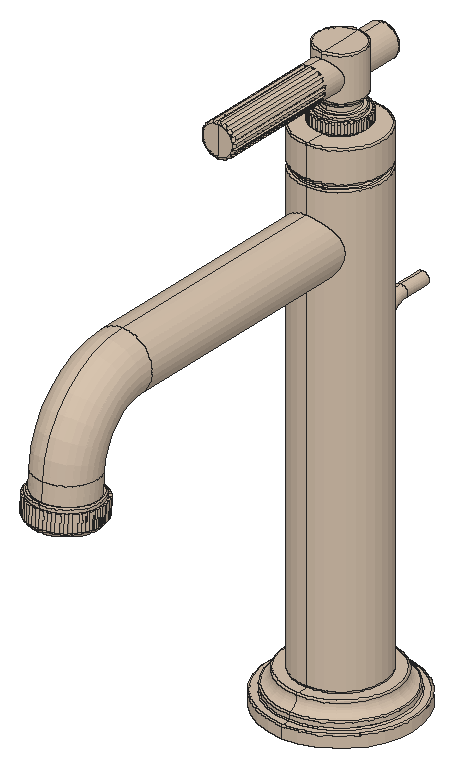
Revit family "Faucet-Lavatory-KALLISTA-CENTRAL_PARK_WEST-P26622_", category Plumbing Fixtures, host Face, Revit 2022
Family settings
  Host = Face
  Round Connector Dimension = Use Diameter
  Part Type = Normal
  OmniClass Number = 23.31.11.00
  OmniClass Title = Faucets
  Cut with Voids When Loaded = No
  Maintain Annotation Orientation = No
  Shared = No
  Room Calculation Point = No
Parameters (values of type "BAF-Brushed French Gold")
  Width = 2 113/256"  # constant formula
  WaterSense Certified = 1 = 0  # no
  Waste Water Outlet = "Waste Water Outlet"  # constant formula
  Waste Connection = 1 = 0  # no
  Vent Connection = 1 = 0  # no
  URL = "https://www.kallista.com/"
  Type = 1
  Spout Reach = 5.77165"  # constant formula
  Product Page URL = ""
  Product Name = "CENTRAL PARK WEST"  # constant formula
  Product Documentation Link = ""
  Pressure = 0.00 psi
  Model = if(Type = 1, "P26622-00-BAF", if(Type = 2, "P26622-00-BN", if(Type = 3, "P26622-00-BV", if(Type = 4, "P26622-00-CP", if(Type = 5, "P26622-00-SN", if(Type = 6, "P26622-00-ULB", "NA"))))))  # "P26622-00-BAF"
  Material = "Premium Metal Construction"  # constant formula
  Master Format 2014 Name = "Residential Faucets, Supplies, and Trim"  # constant formula
  Master Format 2014 = "22 41 39"  # constant formula
  Manufacturer Address = "444 Highland Dr, Kohler, WI 53044"  # constant formula
  Manufacturer = "Kallista Co."  # constant formula
  Length = Spout Reach  # 5.77165"
  Hot Water Inlet = "Hot Water Inlet"  # constant formula
  Height = 9 15/16"  # constant formula
  Handle Clearance = 2 9/16"  # constant formula
  HW Connection = 1 = 1  # yes
  Flow Rate = 1.2 GPM  # constant formula
  Finish = Kallista-Metal-BAF-Brushed_French_Gold
  Environmental Product Declaration = ""
  Drain Included = 1 = 0  # no
  Description = "Single Control Faucet"  # constant formula
  Default Elevation = 36"
  Declare Label = ""
  Date Modified = "11/10/2023"  # constant formula
  Date Created = "04/06/2022"  # constant formula
  Copyright = "Copyright Kallista Co."  # constant formula
  Contact Us = "https://www.kallista.com/corporate/contact-us/"
  Cold Water Inlet = "Cold Water Inlet"  # constant formula
  CW Connection = 1 = 1  # yes
  Assembly Code = "D2010"
  ADA Compliant = 1 = 0  # no
Reference planes (in)
  plane 1 "Center (Front/Back)": y = 0
  plane 2: z = 0
  plane 3 "Center (Left/Right)": x = 0
  plane 4: y = 1.72047
  plane 5: y = -6.37402
  plane 6: y = -5.77165
  plane 7: y = -6.26378
  plane 8: x = 1.22047
  plane 9: y = -1.22047
  plane 10: y = 1.22047
  plane 11: y = -5.27953
  plane 12: x = 0.71457
  plane 13: y = -2.5625
  plane 14: y = 0.1501
  plane 15: z = 0.53937
  plane 16: x = -0.71457
  plane 17: z = 9.9375
  plane 18: z = 9.28346
  plane 19: z = 9.56299
  plane 20: z = 9.84252
  plane 21: z = 7.63386
  plane 22: z = 5.31102
  plane 23: z = 9.65748
  plane 24: z = 5.72835
  plane 25: y = -5.16929
  plane 26: x = -1.22093
  plane 27: z = 7.14173
  plane 28: z = 6.64961
  plane 29: y = 0.71457
  plane 30: y = -0.71457
  plane 31: x = -0.39007
  plane 32: x = 0.39007
Dimensions and locks (in)
  "Length": plane 1 "Center (Front/Back)" to plane 6
  "Handle Clearance": plane 1 "Center (Front/Back)" to plane 13
  level to plane 24 = 5.72835"
  plane 4 to plane 1 "Center (Front/Back)" = 1.72047"  (x2)
  level to plane 22 = 5.31102"
  "Height": plane 17 to level
  plane 15 to level = 0.53937"
  plane 20 to plane 18 = 0.55906"
  plane 16 to plane 12 = 1.42913"  (x2)
  plane 13 to plane 1 "Center (Front/Back)" = 2 9/16"
  plane 14 to plane 13 = 2.7126"
  "Width": plane 26 to plane 8
  plane 31 to plane 32 = 0.78015"
  level to plane 17 = 9 15/16"
  aligned and locked: plane 2 to host face
  aligned and locked: level to host face
  aligned and locked: plane 3 "Center (Left/Right)" to nested 1
  aligned and locked: plane 1 "Center (Front/Back)" to nested 1
Automatic sketch dimensions
  host sketch curve to host sketch curve = 96"  (x2)
Nested families (in)
  nested 1: "P26622" at (0, 0, 0), type "P26622"
Connectors (in)
  piping at (-0.71457, 0, 0), diameter 0.5625, driven by "Flow Rate", driven by "HW Connection", driven by "Hot Water Inlet"
    settings: on nested 1, index 1, connector inside diameter 24", connector length 0", flow factor 0, pipe flow 1.2 GPM, pressure drop 0.00 psi, fitting loss kfactor 0, connector angle 0.00°, fixture units 0, engagement length 0", angle of deflection 0.00°, flow configuration 1, flow direction 1, fitting loss method 0, system type 19, joint type 0, gender type 0, connector reference index -1, connector utility 1, adjustable connector no, is connector primary yes, connector description "Hot Water Inlet"
  piping at (0.71457, 0, 0), diameter 0.5625, driven by "Flow Rate", driven by "CW Connection", driven by "Cold Water Inlet"
    settings: on nested 1, index 2, connector inside diameter 24", connector length 0", flow factor 0, pipe flow 1.2 GPM, pressure drop 0.00 psi, fitting loss kfactor 0, connector angle 0.00°, fixture units 0, engagement length 0", angle of deflection 0.00°, flow configuration 1, flow direction 1, fitting loss method 0, system type 20, joint type 0, gender type 0, connector reference index -1, connector utility 1, adjustable connector no, is connector primary no, connector description "Cold Water Inlet"
Definition of nested family "P26622"
  Parameters
    Material = none
    Default Elevation = 0"
  Reference planes (in)
    plane 1 "Center (Front/Back)": y = 0
    plane 2: z = 0
    plane 3 "Center (Left/Right)": x = 0
    plane 4: y = 1.22047
    plane 5: y = -1.22047
    plane 6: z = 5.31102
    plane 7: z = 7.63386
    plane 8: z = 7.14173
    plane 9: z = 6.64961
    plane 10: y = -5.77165
    plane 11: y = -6.26378
    plane 12: y = -5.27953
    plane 13: z = 9.28346
    plane 14: z = 9.84252
    plane 15: z = 9.56299
    plane 16: y = -2.56299
    plane 17: y = 0.8937
    plane 18: y = -0.71457
    plane 19: y = 0.71457
    plane 20: y = 1.72047
    plane 21: z = 5.72835
    plane 22: z = 9.93701
    plane 23: z = 0.53937
    plane 24: x = 0.71457
    plane 25: x = -0.71457
    plane 26: x = -1.22047
    plane 27: x = 1.22047
    plane 28: z = 9.65748
    plane 29: z = 9.79724
    plane 30: z = 9.84252
    plane 31 "aa": through (0, -5.26304, 5.69797) normal (0, 0.0523, 0.9986)
    plane 32: x = -0.60236
    plane 33: x = 0.60236
    plane 34: y = -6.37402
    plane 35: y = -5.16929
    plane 36: x = -0.10982
    plane 37: x = 0.10982
    plane 38: x = 0.27953
    plane 39: x = -0.27953
    plane 40: x = 0.49213
    plane 41: x = -0.49213
  Forms (in)
    Extrusion 1, void
      sketch origin (1.65381, 0, -0.84266) x (1, 0, 0) y (0, 0, 1)
        loop
          arc (-1.51601, 10.64932) -> (-1.53995, 10.66139) -> (-1.56494, 10.67111) r 0.27994
          arc (-1.56494, 10.67111) -> (-1.59862, 10.65321) -> (-1.62198, 10.68336) r 0.0296
          arc (-1.62198, 10.68336) -> (-1.65381, 10.68518) -> (-1.68564, 10.68336) r 0.27953
          arc (-1.68564, 10.68336) -> (-1.709, 10.65321) -> (-1.74269, 10.67111) r 0.0296
          arc (-1.74269, 10.67111) -> (-1.76767, 10.66139) -> (-1.79161, 10.64932) r 0.27994
          arc (-1.79161, 10.64932) -> (-1.80102, 10.61219) -> (-1.83918, 10.61542) r 0.0296
          arc (-1.83918, 10.61542) -> (-1.85691, 10.5983) -> (-1.87307, 10.5797) r 0.27994
          arc (-1.87307, 10.5797) -> (-1.8699, 10.54371) -> (-1.90389, 10.53146) r 0.0296
          arc (-1.90389, 10.53146) -> (-1.91459, 10.50743) -> (-1.92299, 10.4825) r 0.27994
          arc (-1.92299, 10.4825) -> (-1.90363, 10.44945) -> (-1.93308, 10.42496) r 0.0296
          arc (-1.93308, 10.42496) -> (-1.93375, 10.40565) -> (-1.93308, 10.38634) r 0.27994
          arc (-1.93308, 10.38634) -> (-1.90363, 10.36185) -> (-1.92299, 10.3288) r 0.0296
          arc (-1.92299, 10.3288) -> (-1.91459, 10.30387) -> (-1.90389, 10.27984) r 0.27994
          arc (-1.90389, 10.27984) -> (-1.8699, 10.26759) -> (-1.87307, 10.2316) r 0.0296
          arc (-1.87307, 10.2316) -> (-1.85691, 10.213) -> (-1.83918, 10.19589) r 0.27994
          arc (-1.83918, 10.19589) -> (-1.80102, 10.19911) -> (-1.79161, 10.16198) r 0.0296
          arc (-1.79161, 10.16198) -> (-1.76767, 10.14992) -> (-1.74269, 10.1402) r 0.27994
          arc (-1.74269, 10.1402) -> (-1.709, 10.1581) -> (-1.68564, 10.12794) r 0.0296
          arc (-1.68564, 10.12794) -> (-1.65381, 10.12612) -> (-1.62198, 10.12794) r 0.27953
          arc (-1.62198, 10.12794) -> (-1.59862, 10.1581) -> (-1.56494, 10.1402) r 0.0296
          arc (-1.56494, 10.1402) -> (-1.53995, 10.14992) -> (-1.51601, 10.16198) r 0.27994
          arc (-1.51601, 10.16198) -> (-1.50661, 10.19911) -> (-1.46844, 10.19589) r 0.0296
          arc (-1.46844, 10.19589) -> (-1.45071, 10.213) -> (-1.43456, 10.2316) r 0.27994
          arc (-1.43456, 10.2316) -> (-1.43772, 10.26759) -> (-1.40374, 10.27984) r 0.0296
          arc (-1.40374, 10.27984) -> (-1.39303, 10.30387) -> (-1.38463, 10.3288) r 0.27994
          arc (-1.38463, 10.3288) -> (-1.40399, 10.36185) -> (-1.37454, 10.38634) r 0.0296
          arc (-1.37454, 10.38634) -> (-1.37388, 10.40565) -> (-1.37454, 10.42496) r 0.27994
          arc (-1.37454, 10.42496) -> (-1.40399, 10.44945) -> (-1.38463, 10.4825) r 0.0296
          arc (-1.38463, 10.4825) -> (-1.39303, 10.50743) -> (-1.40374, 10.53146) r 0.27994
          arc (-1.40374, 10.53146) -> (-1.43772, 10.54371) -> (-1.43456, 10.5797) r 0.0296
          arc (-1.43456, 10.5797) -> (-1.45071, 10.5983) -> (-1.46844, 10.61542) r 0.27994
          arc (-1.46844, 10.61542) -> (-1.50661, 10.61219) -> (-1.51601, 10.64932) r 0.0296
        loop
          circle (-1.65381, 10.40565) r 0.32994
      from 0.65283 to 2.68599
    Revolve 2, solid, material <- "Material", detail levels medium+fine
      sketch origin (0, -0.00038, 0) x (0, 1, 0) y (0, 0, 1)
        loop
          arc (0.71457, 8.06176) -> (0.70822, 8.07707) -> (0.69291, 8.08342) r 0.02165
          line (0.69291, 8.08342) -> (0.6457, 8.08342) -> (0.40505, 8.15457) -> (0.69215, 8.15457)
          arc (0.69215, 8.15457) -> (0.708, 8.16114) -> (0.71457, 8.17699) r 0.02241
          line (0.71457, 8.17699) -> (0.71457, 8.68641)
          arc (0.71457, 8.68641) -> (0.7088, 8.70033) -> (0.69488, 8.70609) r 0.01969
          line (0.69488, 8.70609) -> (0.35798, 8.70609)
          arc (0.35798, 8.70609) -> (0.3719, 8.71186) -> (0.37766, 8.72578) r 0.01969
          line (0.37766, 8.72578) -> (0.37766, 8.76617) -> (0.43011, 8.76617)
          arc (0.43011, 8.76617) -> (0.44403, 8.77193) -> (0.44979, 8.78585) r 0.01969
          line (0.44979, 8.78585) -> (0.44979, 8.92691)
          arc (0.44979, 8.92691) -> (0.44403, 8.94083) -> (0.43011, 8.9466) r 0.01969
          line (0.43011, 8.9466) -> (0.37766, 8.9466) -> (0.37766, 8.98506)
          arc (0.37766, 8.98506) -> (0.37144, 9.00009) -> (0.35641, 9.00632) r 0.02126
          line (0.35641, 9.00632) -> (0.29821, 9.00632)
          arc (0.29821, 9.00632) -> (0.28433, 9.01207) -> (0.27858, 9.02594) r 0.01962
          line (0.27858, 9.02594) -> (0.27858, 9.1331) -> (0.31871, 9.1331)
          arc (0.31871, 9.1331) -> (0.33263, 9.13887) -> (0.3384, 9.15279) r 0.01969
          line (0.3384, 9.15279) -> (0.3384, 9.19223) -> (0.36981, 9.19223)
          arc (0.36981, 9.19223) -> (0.38371, 9.19798) -> (0.38947, 9.21188) r 0.01966
          line (0.38947, 9.21188) -> (0.38947, 9.91732)
          arc (0.38947, 9.91732) -> (0.38371, 9.93124) -> (0.36979, 9.93701) r 0.01969
          line (0.36979, 9.93701) -> (0, 9.93701) -> (0, 0) -> (1.22047, 0) -> (1.22047, 0.18199)
          arc (1.22047, 0.18199) -> (1.21471, 0.19591) -> (1.20079, 0.20167) r 0.01969
          line (1.20079, 0.20167) -> (1.08948, 0.20167)
          arc (1.08948, 0.20167) -> (1.07557, 0.20744) -> (1.0698, 0.22136) r 0.01969
          line (1.0698, 0.22136) -> (1.0698, 0.29623)
          arc (1.0698, 0.29623) -> (1.06484, 0.31072) -> (1.05205, 0.31914) r 0.02366
          arc (1.05205, 0.31914) -> (0.94765, 0.39205) -> (0.91657, 0.51554) r 0.18205
          arc (0.91657, 0.51554) -> (0.91124, 0.53222) -> (0.89525, 0.53937) r 0.02146
          line (0.89525, 0.53937) -> (0.69291, 0.53937)
          arc (0.69291, 0.53937) -> (0.70822, 0.54571) -> (0.71457, 0.56102) r 0.02165
          line (0.71457, 0.56102) -> (0.71457, 8.06176)
        axis (0, 9.93701) -> (0, 0)
      angle from 0 to 360
    Revolve 3, solid, material <- "Material", detail levels medium+fine
      sketch origin (0, 0, 0) x (0, 1, 0) y (0, 0, 1)
        loop
          line (0.87227, 9.84252) -> (-2.53202, 9.84252)
          arc (-2.53202, 9.84252) -> (-2.55392, 9.83345) -> (-2.56299, 9.81155) r 0.03097
          line (-2.56299, 9.81155) -> (-2.56299, 9.56299) -> (0.8937, 9.56299) -> (0.8937, 9.82109)
          arc (0.8937, 9.82109) -> (0.88742, 9.83624) -> (0.87227, 9.84252) r 0.02143
        axis (-2.56299, 9.56299) -> (0.8937, 9.56299)
      angle from 0 to 360
    Sweep 4, solid, material <- "Material", detail levels medium+fine
      path origin (0, 0, 0) x (0, 1, 0) y (0, 0, 1)
        loop
          line (0, 7.14173) -> (-4.55935, 7.14173)
          arc (-4.55935, 7.14173) -> (-5.37237, 6.81737) -> (-5.73883, 6.02244) r 1.1811
          line (-5.73883, 6.02244) -> (-5.75813, 5.65422)
      profile origin (0, -2.27967, 7.14173) x (0, 0, -1) y (1, 0, 0)
        loop
          circle (0, 0) r 0.49213
    Extrusion 5, void
      sketch origin (0, 0, 2.16535) x (1, 0, 0) y (0, 1, 0)
        loop
          arc (0.29276, 0.36044) -> (0.2803, 0.37021) -> (0.26751, 0.37955) r 0.46435
          arc (0.26751, 0.37955) -> (0.23067, 0.3715) -> (0.22155, 0.40809) r 0.02706
          arc (0.22155, 0.40809) -> (0.20743, 0.41545) -> (0.19306, 0.42232) r 0.46435
          arc (0.19306, 0.42232) -> (0.15833, 0.40762) -> (0.14263, 0.44191) r 0.02706
          arc (0.14263, 0.44191) -> (0.12744, 0.44652) -> (0.11211, 0.45062) r 0.46435
          arc (0.11211, 0.45062) -> (0.08068, 0.42979) -> (0.05894, 0.4606) r 0.02706
          arc (0.05894, 0.4606) -> (0.04302, 0.46236) -> (0.02705, 0.46356) r 0.46435
          arc (0.02705, 0.46356) -> (0, 0.43729) -> (-0.02705, 0.46356) r 0.02706
          arc (-0.02705, 0.46356) -> (-0.04302, 0.46236) -> (-0.05894, 0.4606) r 0.46435
          arc (-0.05894, 0.4606) -> (-0.08068, 0.42979) -> (-0.11211, 0.45062) r 0.02706
          arc (-0.11211, 0.45062) -> (-0.12744, 0.44652) -> (-0.14263, 0.44191) r 0.46435
          arc (-0.14263, 0.44191) -> (-0.15833, 0.40762) -> (-0.19306, 0.42232) r 0.02706
          arc (-0.19306, 0.42232) -> (-0.20743, 0.41545) -> (-0.22155, 0.40809) r 0.46435
          arc (-0.22155, 0.40809) -> (-0.23067, 0.3715) -> (-0.26751, 0.37955) r 0.02706
          arc (-0.26751, 0.37955) -> (-0.2803, 0.37021) -> (-0.29276, 0.36044) r 0.46435
          arc (-0.29276, 0.36044) -> (-0.295, 0.3228) -> (-0.33269, 0.32394) r 0.02706
          arc (-0.33269, 0.32394) -> (-0.34374, 0.31219) -> (-0.35438, 0.30006) r 0.46435
          arc (-0.35438, 0.30006) -> (-0.34962, 0.26266) -> (-0.38687, 0.25681) r 0.02706
          arc (-0.38687, 0.25681) -> (-0.39523, 0.24375) -> (-0.40315, 0.23042) r 0.46435
          arc (-0.40315, 0.23042) -> (-0.39211, 0.19363) -> (-0.42898, 0.18286) r 0.02706
          arc (-0.42898, 0.18286) -> (-0.43461, 0.1682) -> (-0.43975, 0.15336) r 0.46435
          arc (-0.43975, 0.15336) -> (-0.42124, 0.1205) -> (-0.45355, 0.10105) r 0.02706
          arc (-0.45355, 0.10105) -> (-0.45637, 0.08581) -> (-0.45868, 0.07047) r 0.46435
          arc (-0.45868, 0.07047) -> (-0.43455, 0.04087) -> (-0.46405, 0.01662) r 0.02706
          arc (-0.46405, 0.01662) -> (-0.46435, 0.00053) -> (-0.46409, -0.01557) r 0.46435
          arc (-0.46409, -0.01557) -> (-0.43545, -0.04009) -> (-0.45913, -0.06944) r 0.02706
          arc (-0.45913, -0.06944) -> (-0.45656, -0.08473) -> (-0.45347, -0.09992) r 0.46435
          arc (-0.45347, -0.09992) -> (-0.42084, -0.11881) -> (-0.43878, -0.15198) r 0.02706
          arc (-0.43878, -0.15198) -> (-0.43325, -0.16708) -> (-0.42721, -0.18197) r 0.46435
          arc (-0.42721, -0.18197) -> (-0.39165, -0.19451) -> (-0.40315, -0.23042) r 0.02706
          arc (-0.40315, -0.23042) -> (-0.39523, -0.24375) -> (-0.38687, -0.25681) r 0.46435
          arc (-0.38687, -0.25681) -> (-0.34962, -0.26266) -> (-0.35438, -0.30006) r 0.02706
          arc (-0.35438, -0.30006) -> (-0.34374, -0.31219) -> (-0.33269, -0.32394) r 0.46435
          arc (-0.33269, -0.32394) -> (-0.295, -0.3228) -> (-0.29276, -0.36044) r 0.02706
          arc (-0.29276, -0.36044) -> (-0.2803, -0.37021) -> (-0.26751, -0.37955) r 0.46435
          arc (-0.26751, -0.37955) -> (-0.23067, -0.3715) -> (-0.22155, -0.40809) r 0.02706
          arc (-0.22155, -0.40809) -> (-0.20743, -0.41545) -> (-0.19306, -0.42232) r 0.46435
          arc (-0.19306, -0.42232) -> (-0.15833, -0.40762) -> (-0.14263, -0.44191) r 0.02706
          arc (-0.14263, -0.44191) -> (-0.12744, -0.44652) -> (-0.11211, -0.45062) r 0.46435
          arc (-0.11211, -0.45062) -> (-0.08068, -0.42979) -> (-0.05894, -0.4606) r 0.02706
          arc (-0.05894, -0.4606) -> (-0.04302, -0.46236) -> (-0.02705, -0.46356) r 0.46435
          arc (-0.02705, -0.46356) -> (0, -0.43651) -> (0.02705, -0.46356) r 0.02705
          arc (0.02705, -0.46356) -> (0.04302, -0.46236) -> (0.05894, -0.4606) r 0.46435
          arc (0.05894, -0.4606) -> (0.08068, -0.42979) -> (0.11211, -0.45062) r 0.02706
          arc (0.11211, -0.45062) -> (0.12744, -0.44652) -> (0.14263, -0.44191) r 0.46435
          arc (0.14263, -0.44191) -> (0.15833, -0.40762) -> (0.19306, -0.42232) r 0.02706
          arc (0.19306, -0.42232) -> (0.20743, -0.41545) -> (0.22155, -0.40809) r 0.46435
          arc (0.22155, -0.40809) -> (0.23067, -0.3715) -> (0.26751, -0.37955) r 0.02706
          arc (0.26751, -0.37955) -> (0.2803, -0.37021) -> (0.29276, -0.36044) r 0.46435
          arc (0.29276, -0.36044) -> (0.295, -0.3228) -> (0.33269, -0.32394) r 0.02706
          arc (0.33269, -0.32394) -> (0.34374, -0.31219) -> (0.35438, -0.30006) r 0.46435
          arc (0.35438, -0.30006) -> (0.34962, -0.26266) -> (0.38687, -0.25681) r 0.02706
          arc (0.38687, -0.25681) -> (0.39516, -0.24386) -> (0.40302, -0.23065) r 0.46435
          arc (0.40302, -0.23065) -> (0.39214, -0.19461) -> (0.42781, -0.18257) r 0.02706
          arc (0.42781, -0.18257) -> (0.43403, -0.16775) -> (0.43974, -0.15273) r 0.46435
          arc (0.43974, -0.15273) -> (0.4222, -0.11935) -> (0.45506, -0.10085) r 0.02706
          arc (0.45506, -0.10085) -> (0.45835, -0.08558) -> (0.46112, -0.07021) r 0.46435
          arc (0.46112, -0.07021) -> (0.43583, -0.04133) -> (0.46486, -0.01622) r 0.02706
          arc (0.46486, -0.01622) -> (0.46532, -0.00015) -> (0.46523, 0.01592) r 0.46435
          arc (0.46523, 0.01592) -> (0.43685, 0.04075) -> (0.46084, 0.06984) r 0.02706
          arc (0.46084, 0.06984) -> (0.45841, 0.08522) -> (0.45547, 0.10051) r 0.46435
          arc (0.45547, 0.10051) -> (0.42114, 0.11782) -> (0.43878, 0.15198) r 0.02706
          arc (0.43878, 0.15198) -> (0.43325, 0.16708) -> (0.42721, 0.18197) r 0.46435
          arc (0.42721, 0.18197) -> (0.39165, 0.19451) -> (0.40315, 0.23042) r 0.02706
          arc (0.40315, 0.23042) -> (0.39523, 0.24375) -> (0.38687, 0.25681) r 0.46435
          arc (0.38687, 0.25681) -> (0.34962, 0.26266) -> (0.35438, 0.30006) r 0.02706
          arc (0.35438, 0.30006) -> (0.34374, 0.31219) -> (0.33269, 0.32394) r 0.46435
          arc (0.33269, 0.32394) -> (0.295, 0.3228) -> (0.29276, 0.36044) r 0.02706
        loop
          circle (0, 0) r 0.53932
      from 6.60081 to 6.78124
    Revolve 6, solid, material <- "Material", detail levels medium+fine
      sketch origin (0, 0, 0) x (0, 1, 0) y (0, 0, 1)
        loop
          line (-5.28465, 5.28553) -> (-5.24471, 5.28343)
          arc (-5.24471, 5.28343) -> (-5.22847, 5.28925) -> (-5.2212, 5.30489) r 0.02235
          line (-5.2212, 5.30489) -> (-5.21947, 5.34936) -> (-5.14869, 5.34565) -> (-5.13423, 5.62152) -> (-5.20539, 5.62525) -> (-5.20279, 5.67473)
          arc (-5.20279, 5.67473) -> (-5.20792, 5.6892) -> (-5.22177, 5.69581) r 0.02005
          line (-5.22177, 5.69581) -> (-5.26304, 5.69797) -> (-5.28465, 5.28553)
        axis (-5.75144, 5.72357) -> (-5.77306, 5.31112)
      angle from 0 to 360
    Extrusion 7, void
      sketch origin (0, 0.28953, 5.40697) x (0, 0.99863, -0.052336) y (-1, 0, 0)
        loop
          arc (-6.63514, -0.02836) -> (-6.63281, -0.05971) -> (-6.62883, -0.09091) r 0.59415
          arc (-6.62883, -0.09091) -> (-6.59603, -0.11315) -> (-6.61748, -0.14647) r 0.02836
          arc (-6.61748, -0.14647) -> (-6.60905, -0.17633) -> (-6.59907, -0.20571) r 0.59415
          arc (-6.59907, -0.20571) -> (-6.56251, -0.221) -> (-6.57692, -0.25792) r 0.02836
          arc (-6.57692, -0.25792) -> (-6.56351, -0.28407) -> (-6.54883, -0.30953) r 0.59415
          arc (-6.54883, -0.30953) -> (-6.51, -0.31746) -> (-6.51701, -0.35647) r 0.02836
          arc (-6.51701, -0.35647) -> (-6.50026, -0.37777) -> (-6.48257, -0.39828) r 0.59415
          arc (-6.48257, -0.39828) -> (-6.44294, -0.39887) -> (-6.44258, -0.4385) r 0.02836
          arc (-6.44258, -0.4385) -> (-6.41558, -0.46174) -> (-6.38723, -0.48332) r 0.59415
          arc (-6.38723, -0.48332) -> (-6.3484, -0.47543) -> (-6.33958, -0.51407) r 0.02836
          arc (-6.33958, -0.51407) -> (-6.31505, -0.52752) -> (-6.28992, -0.53981) r 0.59415
          arc (-6.28992, -0.53981) -> (-6.25326, -0.52473) -> (-6.23732, -0.56101) r 0.02836
          arc (-6.23732, -0.56101) -> (-6.20544, -0.57114) -> (-6.17304, -0.57945) r 0.59415
          arc (-6.17304, -0.57945) -> (-6.14029, -0.55713) -> (-6.1172, -0.58933) r 0.02836
          arc (-6.1172, -0.58933) -> (-6.09365, -0.59187) -> (-6.07002, -0.59348) r 0.59415
          arc (-6.07002, -0.59348) -> (-6.04167, -0.56579) -> (-6.01331, -0.59348) r 0.02836
          arc (-6.01331, -0.59348) -> (-5.98969, -0.59187) -> (-5.96614, -0.58933) r 0.59415
          arc (-5.96614, -0.58933) -> (-5.94305, -0.55713) -> (-5.9103, -0.57945) r 0.02836
          arc (-5.9103, -0.57945) -> (-5.8779, -0.57114) -> (-5.84602, -0.56101) r 0.59415
          arc (-5.84602, -0.56101) -> (-5.83007, -0.52473) -> (-5.79342, -0.53981) r 0.02836
          arc (-5.79342, -0.53981) -> (-5.76829, -0.52752) -> (-5.74376, -0.51407) r 0.59415
          arc (-5.74376, -0.51407) -> (-5.73494, -0.47543) -> (-5.69611, -0.48332) r 0.02836
          arc (-5.69611, -0.48332) -> (-5.66776, -0.46174) -> (-5.64075, -0.4385) r 0.59415
          arc (-5.64075, -0.4385) -> (-5.6404, -0.39887) -> (-5.60077, -0.39828) r 0.02836
          arc (-5.60077, -0.39828) -> (-5.58307, -0.37777) -> (-5.56633, -0.35647) r 0.59415
          arc (-5.56633, -0.35647) -> (-5.57334, -0.31746) -> (-5.53451, -0.30953) r 0.02836
          arc (-5.53451, -0.30953) -> (-5.51983, -0.28407) -> (-5.50642, -0.25792) r 0.59415
          arc (-5.50642, -0.25792) -> (-5.52083, -0.221) -> (-5.48427, -0.20571) r 0.02836
          arc (-5.48427, -0.20571) -> (-5.47429, -0.17633) -> (-5.46585, -0.14647) r 0.59415
          arc (-5.46585, -0.14647) -> (-5.48731, -0.11315) -> (-5.45451, -0.09091) r 0.02836
          arc (-5.45451, -0.09091) -> (-5.45053, -0.05971) -> (-5.44819, -0.02836) r 0.59415
          arc (-5.44819, -0.02836) -> (-5.47655, 0) -> (-5.44819, 0.02836) r 0.02836
          arc (-5.44819, 0.02836) -> (-5.45053, 0.05971) -> (-5.45451, 0.09091) r 0.59415
          arc (-5.45451, 0.09091) -> (-5.48731, 0.11315) -> (-5.46585, 0.14647) r 0.02836
          arc (-5.46585, 0.14647) -> (-5.47429, 0.17633) -> (-5.48427, 0.20571) r 0.59415
          arc (-5.48427, 0.20571) -> (-5.52083, 0.221) -> (-5.50642, 0.25792) r 0.02836
          arc (-5.50642, 0.25792) -> (-5.51983, 0.28407) -> (-5.53451, 0.30953) r 0.59415
          arc (-5.53451, 0.30953) -> (-5.57334, 0.31746) -> (-5.56633, 0.35647) r 0.02836
          arc (-5.56633, 0.35647) -> (-5.58307, 0.37777) -> (-5.60077, 0.39828) r 0.59415
          arc (-5.60077, 0.39828) -> (-5.6404, 0.39887) -> (-5.64075, 0.4385) r 0.02836
          arc (-5.64075, 0.4385) -> (-5.66776, 0.46174) -> (-5.69611, 0.48332) r 0.59415
          arc (-5.69611, 0.48332) -> (-5.73494, 0.47543) -> (-5.74376, 0.51407) r 0.02836
          arc (-5.74376, 0.51407) -> (-5.76829, 0.52752) -> (-5.79342, 0.53981) r 0.59415
          arc (-5.79342, 0.53981) -> (-5.83007, 0.52473) -> (-5.84602, 0.56101) r 0.02836
          arc (-5.84602, 0.56101) -> (-5.8779, 0.57114) -> (-5.9103, 0.57945) r 0.59415
          arc (-5.9103, 0.57945) -> (-5.94305, 0.55713) -> (-5.96614, 0.58933) r 0.02836
          arc (-5.96614, 0.58933) -> (-5.98969, 0.59187) -> (-6.01331, 0.59348) r 0.59415
          arc (-6.01331, 0.59348) -> (-6.04167, 0.56512) -> (-6.07002, 0.59348) r 0.02836
          arc (-6.07002, 0.59348) -> (-6.09365, 0.59187) -> (-6.1172, 0.58933) r 0.59415
          arc (-6.1172, 0.58933) -> (-6.14029, 0.55713) -> (-6.17304, 0.57945) r 0.02836
          arc (-6.17304, 0.57945) -> (-6.20544, 0.57114) -> (-6.23732, 0.56101) r 0.59415
          arc (-6.23732, 0.56101) -> (-6.25326, 0.52473) -> (-6.28992, 0.53981) r 0.02836
          arc (-6.28992, 0.53981) -> (-6.31505, 0.52752) -> (-6.33958, 0.51407) r 0.59415
          arc (-6.33958, 0.51407) -> (-6.3484, 0.47543) -> (-6.38723, 0.48332) r 0.02836
          arc (-6.38723, 0.48332) -> (-6.41558, 0.46174) -> (-6.44258, 0.4385) r 0.59415
          arc (-6.44258, 0.4385) -> (-6.44294, 0.39887) -> (-6.48257, 0.39828) r 0.02836
          arc (-6.48257, 0.39828) -> (-6.50026, 0.37777) -> (-6.51701, 0.35647) r 0.59415
          arc (-6.51701, 0.35647) -> (-6.51, 0.31746) -> (-6.54883, 0.30953) r 0.02836
          arc (-6.54883, 0.30953) -> (-6.56351, 0.28407) -> (-6.57692, 0.25792) r 0.59415
          arc (-6.57692, 0.25792) -> (-6.56251, 0.221) -> (-6.59907, 0.20571) r 0.02836
          arc (-6.59907, 0.20571) -> (-6.60905, 0.17633) -> (-6.61748, 0.14647) r 0.59415
          arc (-6.61748, 0.14647) -> (-6.59603, 0.11315) -> (-6.62883, 0.09091) r 0.02836
          arc (-6.62883, 0.09091) -> (-6.63281, 0.05971) -> (-6.63514, 0.02836) r 0.59415
          arc (-6.63514, 0.02836) -> (-6.60746, 0) -> (-6.63514, -0.02836) r 0.02836
        loop
          circle (-6.04167, 0) r 0.65896
      from -0.04058 to -0.38223
    Revolve 8, solid, detail levels medium+fine
      sketch origin (3.3626, -6.42611, -7.50632) x (1, 0, 0) y (0, 0.050767, 0.998711)
        loop
          line (-3.3626, 12.95776) -> (-3.8393, 12.95776) -> (-3.8393, 12.84833) -> (-3.80578, 12.84833) -> (-3.80578, 12.92493) -> (-3.7744, 12.92493) -> (-3.7744, 12.88934)
          arc (-3.7744, 12.88934) -> (-3.76861, 12.87534) -> (-3.75461, 12.86954) r 0.0198
          line (-3.75461, 12.86954) -> (-3.3626, 12.86954) -> (-3.3626, 12.95776)
        axis (-3.3626, 12.95776) -> (-3.3626, 12.84833)
      angle from 0 to 360
    Extrusion 9, solid, detail levels medium+fine
      sketch origin (0, 0.28338, 5.40729) x (0, 0.99863, -0.052336) y (-1, 0, 0)
        loop
          arc (-6.03208, 0.44299) -> (-5.95287, 0.43353) -> (-5.87663, 0.41003) r 0.44318
          line (-5.87663, 0.41003) -> (-5.87663, 0.44604)
          arc (-5.87663, 0.44604) -> (-5.95308, 0.46778) -> (-6.03208, 0.47652) r 0.47669
          line (-6.03208, 0.47652) -> (-6.03208, 0.44299)
        loop
          line (-6.36748, 0.35088) -> (-6.34376, 0.32716)
          arc (-6.34376, 0.32716) -> (-6.28693, 0.37119) -> (-6.22373, 0.40545) r 0.44318
          line (-6.22373, 0.40545) -> (-6.24901, 0.43074)
          arc (-6.24901, 0.43074) -> (-6.31126, 0.39527) -> (-6.36748, 0.35088) r 0.47669
        loop
          line (-6.5211, 0.01964) -> (-6.48755, 0.01964)
          arc (-6.48755, 0.01964) -> (-6.47861, 0.09067) -> (-6.45835, 0.15934) r 0.44318
          line (-6.45835, 0.15934) -> (-6.49059, 0.16887)
          arc (-6.49059, 0.16887) -> (-6.51184, 0.09548) -> (-6.5211, 0.01964) r 0.47669
        loop
          arc (-6.37759, -0.29268) -> (-6.41661, -0.24117) -> (-6.44773, -0.18454) r 0.44318
          line (-6.44773, -0.18454) -> (-6.48433, -0.18454)
          arc (-6.48433, -0.18454) -> (-6.44826, -0.2539) -> (-6.40134, -0.31642) r 0.47669
          line (-6.40134, -0.31642) -> (-6.37759, -0.29268)
        loop
          line (-6.23468, -0.40044) -> (-6.23468, -0.43725)
          arc (-6.23468, -0.43725) -> (-6.17671, -0.45808) -> (-6.11654, -0.47127) r 0.47669
          line (-6.11654, -0.47127) -> (-6.11654, -0.43733)
          arc (-6.11654, -0.43733) -> (-6.1769, -0.42303) -> (-6.23468, -0.40044) r 0.44318
        loop
          arc (-5.60186, 0.17617) -> (-5.63823, 0.24887) -> (-5.68643, 0.31433) r 0.47669
          line (-5.68643, 0.31433) -> (-5.71019, 0.29057)
          arc (-5.71019, 0.29057) -> (-5.66252, 0.22419) -> (-5.62785, 0.15018) r 0.44318
          line (-5.62785, 0.15018) -> (-5.60186, 0.17617)
        loop
          arc (-5.62376, -0.2235) -> (-5.59015, -0.14325) -> (-5.57168, -0.05823) r 0.47669
          line (-5.57168, -0.05823) -> (-5.60698, -0.06866)
          arc (-5.60698, -0.06866) -> (-5.62731, -0.14866) -> (-5.66212, -0.2235) r 0.44318
          line (-5.66212, -0.2235) -> (-5.62376, -0.2235)
        loop
          line (-5.93901, -0.43036) -> (-5.91166, -0.45772)
          arc (-5.91166, -0.45772) -> (-5.82053, -0.42064) -> (-5.73896, -0.36564) r 0.47669
          line (-5.73896, -0.36564) -> (-5.79439, -0.36564)
          arc (-5.79439, -0.36564) -> (-5.86378, -0.40452) -> (-5.93901, -0.43036) r 0.44318
      from -0.37491 to -0.41742
    Revolve 10, solid, material <- "Material", detail levels coarse
      sketch origin (0, 0, 0) x (0, 1, 0) y (0, 0, 1)
        loop
          line (0, 0) -> (1.22047, 0) -> (1.22047, 0.53937) -> (0.71457, 0.53937) -> (0.71457, 8.08342) -> (0.38909, 8.08342) -> (0.38909, 8.15141) -> (0.71824, 8.15141) -> (0.71824, 8.70267) -> (0.37639, 8.70267) -> (0.37639, 8.76339) -> (0.45201, 8.76339) -> (0.45201, 8.9466) -> (0.37728, 8.9466) -> (0.37728, 9.00653) -> (0.2782, 9.00653) -> (0.2782, 9.19223) -> (0.38909, 9.19223) -> (0.38909, 9.93701) -> (0, 9.93701) -> (0, 0)
        axis (0, 9.93701) -> (0, 0)
      angle from 0 to 360
    Revolve 11, solid, material <- "Material", detail levels coarse
      sketch origin (0, 0, 0) x (0, 1, 0) y (0, 0, 1)
        loop
          line (0.87227, 9.84252) -> (-2.53202, 9.84252)
          arc (-2.53202, 9.84252) -> (-2.55392, 9.83345) -> (-2.56299, 9.81155) r 0.03097
          line (-2.56299, 9.81155) -> (-2.56299, 9.56299) -> (0.8937, 9.56299) -> (0.8937, 9.82109)
          arc (0.8937, 9.82109) -> (0.88742, 9.83624) -> (0.87227, 9.84252) r 0.02143
        axis (-2.56299, 9.56299) -> (0.8937, 9.56299)
      angle from 0 to 360
    Sweep 12, solid, material <- "Material", detail levels coarse
      path origin (0, 0, 0) x (0, 1, 0) y (0, 0, 1)
        loop
          line (0, 7.14173) -> (-4.55935, 7.14173)
          arc (-4.55935, 7.14173) -> (-5.37237, 6.81737) -> (-5.73883, 6.02244) r 1.1811
          line (-5.73883, 6.02244) -> (-5.75813, 5.65422)
      profile origin (0, -2.27967, 7.14173) x (0, 0, -1) y (1, 0, 0)
        loop
          circle (0, 0) r 0.49213
    Revolve 13, solid, material <- "Material", detail levels coarse
      sketch origin (0, 0, 0) x (0, 1, 0) y (0, 0, 1)
        loop
          line (-5.28465, 5.28553) -> (-5.24471, 5.28343)
          arc (-5.24471, 5.28343) -> (-5.22847, 5.28925) -> (-5.2212, 5.30489) r 0.02235
          line (-5.2212, 5.30489) -> (-5.21947, 5.34936) -> (-5.14869, 5.34565) -> (-5.13423, 5.62152) -> (-5.20539, 5.62525) -> (-5.20279, 5.67473)
          arc (-5.20279, 5.67473) -> (-5.20792, 5.6892) -> (-5.22177, 5.69581) r 0.02005
          line (-5.22177, 5.69581) -> (-5.26304, 5.69797) -> (-5.28465, 5.28553)
        axis (-5.75144, 5.72357) -> (-5.77306, 5.31112)
      angle from 0 to 360
    Revolve 14, solid
      sketch origin (3.3626, -6.42611, -7.50632) x (1, 0, 0) y (0, 0.050767, 0.998711)
        loop
          line (-3.3626, 12.95776) -> (-3.8393, 12.95776) -> (-3.8393, 12.84833) -> (-3.80578, 12.84833) -> (-3.80578, 12.92493) -> (-3.7744, 12.92493) -> (-3.7744, 12.88934)
          arc (-3.7744, 12.88934) -> (-3.76861, 12.87534) -> (-3.75461, 12.86954) r 0.0198
          line (-3.75461, 12.86954) -> (-3.3626, 12.86954) -> (-3.3626, 12.95776)
        axis (-3.3626, 12.95776) -> (-3.3626, 12.84833)
      angle from 0 to 360
    Extrusion 15, solid, material <- "Material", detail levels medium+fine
      sketch origin (0, 0, 0) x (1, 0, 0) y (0, 1, 0)
        loop
          circle (0.71457, 0) r 0.04588
        loop
          circle (-0.71457, 0) r 0.04588
      from 0 to 0.13327
    Sweep 16, solid, material <- "Material"
      path origin (0, 0, 0) x (0, 1, 0) y (0, 0, 1)
        loop
          line (1.72204, 5.62191) -> (1.26436, 5.62191)
          arc (1.26436, 5.62191) -> (1.03854, 5.55071) -> (0.8944, 5.36286) r 0.3937
          line (0.8944, 5.36286) -> (0.54134, 4.39284)
      profile origin (0, 1.4932, 5.62191) x (0, 0, 1) y (1, 0, 0)
        loop
          circle (-0.00039, 0) r 0.10724
    Sweep 17, void
      path origin (0, 0, 0) x (0, 1, 0) y (0, 0, 1)
        loop
          line (0.8944, 5.36286) -> (0.54134, 4.39284)
      profile origin (0, 0.71787, 4.87785) x (0, 0.939693, -0.34202) y (1, 0, 0)
        loop
          circle (-0.00039, 0) r 0.11811
  Cuts and joins
    Extrusion 5, Sweep 17 cuts Revolve 2
    Extrusion 1 cuts Revolve 3
    joined: Revolve 2, Revolve 3, Sweep 4
    Extrusion 7 cuts Revolve 6
    joined: Revolve 8, Extrusion 9
    Sweep 17 cuts Revolve 10
  Lines and regions (in)
    Masking region 1
      outline origin (0, 0, 0) x (1, 0, 0) y (0, 1, 0)
        loop
          arc (-0.10982, 1.22008) -> (-0.90042, 0.83489) -> (-1.22047, 0.01575) r 1.20828
          line (-1.22047, 0.01575) -> (-1.22047, -0.01575)
          arc (-1.22047, -0.01575) -> (-1.02195, -0.67655) -> (-0.49213, -1.11853) r 1.19903
          line (-0.49213, -1.11853) -> (-0.49213, -5.4243)
          arc (-0.49213, -5.4243) -> (-0.52161, -5.47038) -> (-0.54679, -5.51895) r 0.60236
          arc (-0.54679, -5.51895) -> (-0.53272, -5.5492) -> (-0.56412, -5.56046) r 0.02258
          arc (-0.56412, -5.56046) -> (-0.57616, -5.59594) -> (-0.58598, -5.63211) r 0.60236
          arc (-0.58598, -5.63211) -> (-0.56915, -5.65677) -> (-0.59423, -5.67298) r 0.02086
          arc (-0.59423, -5.67298) -> (-0.59917, -5.70973) -> (-0.60185, -5.74672) r 0.60236
          arc (-0.60185, -5.74672) -> (-0.57804, -5.76904) -> (-0.60205, -5.79114) r 0.02227
          arc (-0.60205, -5.79114) -> (-0.59966, -5.82862) -> (-0.59495, -5.86588) r 0.60236
          arc (-0.59495, -5.86588) -> (-0.56643, -5.88318) -> (-0.58626, -5.91001) r 0.02258
          arc (-0.58626, -5.91001) -> (-0.57652, -5.9462) -> (-0.56455, -5.98171) r 0.60236
          arc (-0.56455, -5.98171) -> (-0.53276, -5.99116) -> (-0.54867, -6.02026) r 0.02132
          arc (-0.54867, -6.02026) -> (-0.53233, -6.05355) -> (-0.51398, -6.08577) r 0.60236
          arc (-0.51398, -6.08577) -> (-0.48177, -6.09107) -> (-0.48943, -6.1228) r 0.02227
          arc (-0.48943, -6.1228) -> (-0.46659, -6.15261) -> (-0.44195, -6.18095) r 0.60236
          arc (-0.44195, -6.18095) -> (-0.40862, -6.17946) -> (-0.41017, -6.21278) r 0.02258
          arc (-0.41017, -6.21278) -> (-0.38195, -6.23744) -> (-0.35225, -6.26028) r 0.60236
          arc (-0.35225, -6.26028) -> (-0.32057, -6.25045) -> (-0.3176, -6.28349) r 0.02132
          arc (-0.3176, -6.28349) -> (-0.2855, -6.30206) -> (-0.25233, -6.31862) r 0.60236
          arc (-0.25233, -6.31862) -> (-0.22262, -6.30511) -> (-0.21133, -6.33573) r 0.02227
          arc (-0.21133, -6.33573) -> (-0.17577, -6.3478) -> (-0.13952, -6.35763) r 0.60236
          arc (-0.13952, -6.35763) -> (-0.11266, -6.33786) -> (-0.09541, -6.36641) r 0.02258
          arc (-0.09541, -6.36641) -> (-0.05824, -6.37119) -> (-0.02085, -6.37365) r 0.60236
          arc (-0.02085, -6.37365) -> (0, -6.34786) -> (0.02085, -6.37365) r 0.02132
          arc (0.02085, -6.37365) -> (0.05824, -6.37119) -> (0.09541, -6.36641) r 0.60236
          arc (0.09541, -6.36641) -> (0.11266, -6.33786) -> (0.13952, -6.35763) r 0.02258
          arc (0.13952, -6.35763) -> (0.17577, -6.3478) -> (0.21133, -6.33573) r 0.60236
          arc (0.21133, -6.33573) -> (0.22262, -6.30511) -> (0.25233, -6.31862) r 0.02227
          arc (0.25233, -6.31862) -> (0.2855, -6.30206) -> (0.3176, -6.28349) r 0.60236
          arc (0.3176, -6.28349) -> (0.32057, -6.25045) -> (0.35225, -6.26028) r 0.02132
          arc (0.35225, -6.26028) -> (0.38195, -6.23744) -> (0.41017, -6.21278) r 0.60236
          arc (0.41017, -6.21278) -> (0.40862, -6.17946) -> (0.44195, -6.18095) r 0.02258
          arc (0.44195, -6.18095) -> (0.46659, -6.15261) -> (0.48943, -6.1228) r 0.60236
          arc (0.48943, -6.1228) -> (0.48177, -6.09107) -> (0.51398, -6.08577) r 0.02227
          arc (0.51398, -6.08577) -> (0.53233, -6.05355) -> (0.54867, -6.02026) r 0.60236
          arc (0.54867, -6.02026) -> (0.53276, -5.99116) -> (0.56455, -5.98171) r 0.02132
          arc (0.56455, -5.98171) -> (0.57652, -5.9462) -> (0.58626, -5.91001) r 0.60236
          arc (0.58626, -5.91001) -> (0.56643, -5.88318) -> (0.59495, -5.86588) r 0.02258
          arc (0.59495, -5.86588) -> (0.59966, -5.82862) -> (0.60205, -5.79114) r 0.60236
          arc (0.60205, -5.79114) -> (0.57804, -5.76904) -> (0.60185, -5.74672) r 0.02227
          arc (0.60185, -5.74672) -> (0.59917, -5.70973) -> (0.59423, -5.67298) r 0.60236
          arc (0.59423, -5.67298) -> (0.57156, -5.65629) -> (0.58598, -5.63211) r 0.02095
          arc (0.58598, -5.63211) -> (0.57616, -5.59594) -> (0.56412, -5.56046) r 0.60236
          arc (0.56412, -5.56046) -> (0.53272, -5.5492) -> (0.54679, -5.51895) r 0.02258
          arc (0.54679, -5.51895) -> (0.52161, -5.47038) -> (0.49213, -5.4243) r 0.60236
          line (0.49213, -5.4243) -> (0.49213, -1.1173)
          arc (0.49213, -1.1173) -> (1.02192, -0.67603) -> (1.22047, -0.01575) r 1.19717
          line (1.22047, -0.01575) -> (1.22047, 0.01575)
          arc (1.22047, 0.01575) -> (0.90044, 0.83503) -> (0.10982, 1.22047) r 1.20871
          line (0.10982, 1.22047) -> (0.10982, 1.70079)
          arc (0.10982, 1.70079) -> (0.10405, 1.71471) -> (0.09013, 1.72047) r 0.01969
          line (0.09013, 1.72047) -> (-0.09013, 1.72047)
          arc (-0.09013, 1.72047) -> (-0.10405, 1.71471) -> (-0.10982, 1.70079) r 0.01969
          line (-0.10982, 1.70079) -> (-0.10982, 1.22008)
    Masking region 2
      outline origin (0, 0, 0) x (1, 0, 0) y (0, 0, 1)
        loop
          line (-1.22047, 0.18085) -> (-1.22047, 0.01969)
          arc (-1.22047, 0.01969) -> (-1.21471, 0.00577) -> (-1.20079, 0) r 0.01969
          line (-1.20079, 0) -> (1.20079, 0)
          arc (1.20079, 0) -> (1.21471, 0.00577) -> (1.22047, 0.01969) r 0.01969
          line (1.22047, 0.01969) -> (1.22047, 0.18085)
          arc (1.22047, 0.18085) -> (1.21471, 0.19477) -> (1.20079, 0.20053) r 0.01969
          line (1.20079, 0.20053) -> (1.08982, 0.20053)
          arc (1.08982, 0.20053) -> (1.07554, 0.20645) -> (1.06962, 0.22073) r 0.0202
          line (1.06962, 0.22073) -> (1.06962, 0.29764)
          arc (1.06962, 0.29764) -> (1.06454, 0.31229) -> (1.05147, 0.32065) r 0.02367
          arc (1.05147, 0.32065) -> (0.99542, 0.34738) -> (0.95508, 0.3946) r 0.14929
          arc (0.95508, 0.3946) -> (0.92912, 0.45551) -> (0.91505, 0.5202) r 0.35118
          arc (0.91505, 0.5202) -> (0.90788, 0.53389) -> (0.89344, 0.53937) r 0.02177
          line (0.89344, 0.53937) -> (0.69488, 0.53937)
          arc (0.69488, 0.53937) -> (0.7088, 0.54514) -> (0.71457, 0.55906) r 0.01969
          line (0.71457, 0.55906) -> (0.71457, 8.06354)
          arc (0.71457, 8.06354) -> (0.7088, 8.07746) -> (0.69488, 8.08323) r 0.01969
          line (0.69488, 8.08323) -> (0.65914, 8.08323) -> (0.51264, 8.15468) -> (0.69488, 8.15468)
          arc (0.69488, 8.15468) -> (0.7088, 8.16044) -> (0.71457, 8.17436) r 0.01969
          line (0.71457, 8.17436) -> (0.71457, 8.68608)
          arc (0.71457, 8.68608) -> (0.7088, 8.7) -> (0.69488, 8.70576) r 0.01969
          line (0.69488, 8.70576) -> (0.3766, 8.70576) -> (0.3766, 8.74635)
          arc (0.3766, 8.74635) -> (0.38243, 8.76041) -> (0.39649, 8.76624) r 0.01989
          line (0.39649, 8.76624) -> (0.44206, 8.76624)
          arc (0.44206, 8.76624) -> (0.45598, 8.77201) -> (0.46175, 8.78592) r 0.01969
          line (0.46175, 8.78592) -> (0.46175, 8.9266)
          arc (0.46175, 8.9266) -> (0.45597, 8.94056) -> (0.44201, 8.94634) r 0.01974
          line (0.44201, 8.94634) -> (0.39753, 8.94634)
          arc (0.39753, 8.94634) -> (0.38321, 8.95227) -> (0.37728, 8.96659) r 0.02025
          line (0.37728, 8.96659) -> (0.37728, 9.00643) -> (0.29876, 9.00643)
          arc (0.29876, 9.00643) -> (0.28484, 9.01219) -> (0.27908, 9.02611) r 0.01969
          line (0.27908, 9.02611) -> (0.27908, 9.1335) -> (0.31659, 9.1335)
          arc (0.31659, 9.1335) -> (0.33137, 9.13963) -> (0.3375, 9.15441) r 0.02091
          line (0.3375, 9.15441) -> (0.3375, 9.19358) -> (0.37003, 9.19358)
          arc (0.37003, 9.19358) -> (0.3842, 9.19945) -> (0.39007, 9.21362) r 0.02004
          line (0.39007, 9.21362) -> (0.39007, 9.91732)
          arc (0.39007, 9.91732) -> (0.38431, 9.93124) -> (0.37039, 9.93701) r 0.01969
          line (0.37039, 9.93701) -> (-0.37039, 9.93701)
          arc (-0.37039, 9.93701) -> (-0.38431, 9.93124) -> (-0.39007, 9.91732) r 0.01969
          line (-0.39007, 9.91732) -> (-0.39007, 9.21362)
          arc (-0.39007, 9.21362) -> (-0.3842, 9.19945) -> (-0.37003, 9.19358) r 0.02004
          line (-0.37003, 9.19358) -> (-0.3375, 9.19358) -> (-0.3375, 9.15441)
          arc (-0.3375, 9.15441) -> (-0.33137, 9.13963) -> (-0.31659, 9.1335) r 0.02091
          line (-0.31659, 9.1335) -> (-0.27908, 9.1335) -> (-0.27908, 9.02611)
          arc (-0.27908, 9.02611) -> (-0.28484, 9.01219) -> (-0.29876, 9.00643) r 0.01969
          line (-0.29876, 9.00643) -> (-0.37728, 9.00643) -> (-0.37728, 8.96659)
          arc (-0.37728, 8.96659) -> (-0.38321, 8.95227) -> (-0.39753, 8.94634) r 0.02025
          line (-0.39753, 8.94634) -> (-0.44201, 8.94634)
          arc (-0.44201, 8.94634) -> (-0.45597, 8.94056) -> (-0.46175, 8.9266) r 0.01974
          line (-0.46175, 8.9266) -> (-0.46175, 8.78592)
          arc (-0.46175, 8.78592) -> (-0.45598, 8.77201) -> (-0.44206, 8.76624) r 0.01969
          line (-0.44206, 8.76624) -> (-0.39649, 8.76624)
          arc (-0.39649, 8.76624) -> (-0.38243, 8.76041) -> (-0.3766, 8.74635) r 0.01989
          line (-0.3766, 8.74635) -> (-0.3766, 8.70576) -> (-0.69488, 8.70576)
          arc (-0.69488, 8.70576) -> (-0.7088, 8.7) -> (-0.71457, 8.68608) r 0.01969
          line (-0.71457, 8.68608) -> (-0.71457, 8.17436)
          arc (-0.71457, 8.17436) -> (-0.7088, 8.16044) -> (-0.69488, 8.15468) r 0.01969
          line (-0.69488, 8.15468) -> (-0.51264, 8.15468) -> (-0.63022, 8.09733)
          arc (-0.63022, 8.09733) -> (-0.64634, 8.09369) -> (-0.65914, 8.08323) r 0.03602
          line (-0.65914, 8.08323) -> (-0.69488, 8.08323)
          arc (-0.69488, 8.08323) -> (-0.7088, 8.07746) -> (-0.71457, 8.06354) r 0.01969
          line (-0.71457, 8.06354) -> (-0.71457, 0.55906)
          arc (-0.71457, 0.55906) -> (-0.7088, 0.54514) -> (-0.69488, 0.53937) r 0.01969
          line (-0.69488, 0.53937) -> (-0.89344, 0.53937)
          arc (-0.89344, 0.53937) -> (-0.90788, 0.53389) -> (-0.91505, 0.5202) r 0.02177
          arc (-0.91505, 0.5202) -> (-0.92912, 0.45551) -> (-0.95508, 0.3946) r 0.35118
          arc (-0.95508, 0.3946) -> (-0.99542, 0.34738) -> (-1.05147, 0.32065) r 0.14929
          arc (-1.05147, 0.32065) -> (-1.06454, 0.31229) -> (-1.06962, 0.29764) r 0.02367
          line (-1.06962, 0.29764) -> (-1.06962, 0.22073)
          arc (-1.06962, 0.22073) -> (-1.07554, 0.20645) -> (-1.08982, 0.20053) r 0.0202
          line (-1.08982, 0.20053) -> (-1.20079, 0.20053)
          arc (-1.20079, 0.20053) -> (-1.21471, 0.19477) -> (-1.22047, 0.18085) r 0.01969
    Masking region 3
      outline origin (0, 0, 0) x (0, 1, 0) y (0, 0, 1)
        loop
          arc (1.22047, 0.18085) -> (1.21471, 0.19477) -> (1.20079, 0.20053) r 0.01969
          line (1.20079, 0.20053) -> (1.08982, 0.20053)
          arc (1.08982, 0.20053) -> (1.07554, 0.20645) -> (1.06962, 0.22073) r 0.0202
          line (1.06962, 0.22073) -> (1.06962, 0.29764)
          arc (1.06962, 0.29764) -> (1.06454, 0.31229) -> (1.05147, 0.32065) r 0.02367
          arc (1.05147, 0.32065) -> (0.99542, 0.34738) -> (0.95508, 0.3946) r 0.14929
          arc (0.95508, 0.3946) -> (0.92912, 0.45551) -> (0.91505, 0.5202) r 0.35118
          arc (0.91505, 0.5202) -> (0.90788, 0.53389) -> (0.89344, 0.53937) r 0.02177
          line (0.89344, 0.53937) -> (0.69488, 0.53937)
          arc (0.69488, 0.53937) -> (0.7088, 0.54514) -> (0.71457, 0.55906) r 0.01969
          line (0.71457, 0.55906) -> (0.71457, 4.59353) -> (0.97735, 5.31551)
          arc (0.97735, 5.31551) -> (1.08695, 5.45835) -> (1.25866, 5.51249) r 0.29937
          line (1.25866, 5.51249) -> (1.70079, 5.51249)
          arc (1.70079, 5.51249) -> (1.71471, 5.51825) -> (1.72047, 5.53217) r 0.01969
          line (1.72047, 5.53217) -> (1.72047, 5.70866)
          arc (1.72047, 5.70866) -> (1.71471, 5.72258) -> (1.70079, 5.72835) r 0.01969
          line (1.70079, 5.72835) -> (1.2289, 5.72835)
          arc (1.2289, 5.72835) -> (0.95662, 5.64249) -> (0.78282, 5.41599) r 0.47472
          line (0.78282, 5.41599) -> (0.71457, 5.22848) -> (0.71457, 8.06354)
          arc (0.71457, 8.06354) -> (0.7088, 8.07746) -> (0.69488, 8.08323) r 0.01969
          line (0.69488, 8.08323) -> (0.65914, 8.08323)
          arc (0.65914, 8.08323) -> (0.64634, 8.09369) -> (0.63022, 8.09733) r 0.03602
          line (0.63022, 8.09733) -> (0.51264, 8.15468) -> (0.69488, 8.15468)
          arc (0.69488, 8.15468) -> (0.7088, 8.16044) -> (0.71457, 8.17436) r 0.01969
          line (0.71457, 8.17436) -> (0.71457, 8.68608)
          arc (0.71457, 8.68608) -> (0.7088, 8.7) -> (0.69488, 8.70576) r 0.01969
          line (0.69488, 8.70576) -> (0.3766, 8.70576) -> (0.3766, 8.74635)
          arc (0.3766, 8.74635) -> (0.38243, 8.76041) -> (0.39649, 8.76624) r 0.01989
          line (0.39649, 8.76624) -> (0.44206, 8.76624)
          arc (0.44206, 8.76624) -> (0.45598, 8.77201) -> (0.46175, 8.78592) r 0.01969
          line (0.46175, 8.78592) -> (0.46175, 8.9266)
          arc (0.46175, 8.9266) -> (0.45597, 8.94056) -> (0.44201, 8.94634) r 0.01974
          line (0.44201, 8.94634) -> (0.39753, 8.94634)
          arc (0.39753, 8.94634) -> (0.38321, 8.95227) -> (0.37728, 8.96659) r 0.02025
          line (0.37728, 8.96659) -> (0.37728, 9.00643) -> (0.29876, 9.00643)
          arc (0.29876, 9.00643) -> (0.28484, 9.01219) -> (0.27908, 9.02611) r 0.01969
          line (0.27908, 9.02611) -> (0.27908, 9.1335) -> (0.31659, 9.1335)
          arc (0.31659, 9.1335) -> (0.33137, 9.13963) -> (0.3375, 9.15441) r 0.02091
          line (0.3375, 9.15441) -> (0.3375, 9.19358) -> (0.37003, 9.19358)
          arc (0.37003, 9.19358) -> (0.3842, 9.19945) -> (0.39007, 9.21362) r 0.02004
          line (0.39007, 9.21362) -> (0.39007, 9.28346) -> (0.87402, 9.28346)
          arc (0.87402, 9.28346) -> (0.88794, 9.28923) -> (0.8937, 9.30315) r 0.01969
          line (0.8937, 9.30315) -> (0.8937, 9.82283)
          arc (0.8937, 9.82283) -> (0.88794, 9.83675) -> (0.87402, 9.84252) r 0.01969
          line (0.87402, 9.84252) -> (0.39007, 9.84252) -> (0.39007, 9.91732)
          arc (0.39007, 9.91732) -> (0.38431, 9.93124) -> (0.37039, 9.93701) r 0.01969
          line (0.37039, 9.93701) -> (-0.37039, 9.93701)
          arc (-0.37039, 9.93701) -> (-0.38431, 9.93124) -> (-0.39007, 9.91732) r 0.01969
          line (-0.39007, 9.91732) -> (-0.39007, 9.84252) -> (-2.54134, 9.84252)
          arc (-2.54134, 9.84252) -> (-2.55665, 9.83618) -> (-2.56299, 9.82087) r 0.02165
          line (-2.56299, 9.82087) -> (-2.56299, 9.30512)
          arc (-2.56299, 9.30512) -> (-2.55665, 9.28981) -> (-2.54134, 9.28346) r 0.02165
          line (-2.54134, 9.28346) -> (-0.39007, 9.28346) -> (-0.39007, 9.21362)
          arc (-0.39007, 9.21362) -> (-0.3842, 9.19945) -> (-0.37003, 9.19358) r 0.02004
          line (-0.37003, 9.19358) -> (-0.3375, 9.19358) -> (-0.3375, 9.15441)
          arc (-0.3375, 9.15441) -> (-0.33137, 9.13963) -> (-0.31659, 9.1335) r 0.02091
          line (-0.31659, 9.1335) -> (-0.27908, 9.1335) -> (-0.27908, 9.02611)
          arc (-0.27908, 9.02611) -> (-0.28484, 9.01219) -> (-0.29876, 9.00643) r 0.01969
          line (-0.29876, 9.00643) -> (-0.37728, 9.00643) -> (-0.37728, 8.96659)
          arc (-0.37728, 8.96659) -> (-0.38321, 8.95227) -> (-0.39753, 8.94634) r 0.02025
          line (-0.39753, 8.94634) -> (-0.44201, 8.94634)
          arc (-0.44201, 8.94634) -> (-0.45597, 8.94056) -> (-0.46175, 8.9266) r 0.01974
          line (-0.46175, 8.9266) -> (-0.46175, 8.78592)
          arc (-0.46175, 8.78592) -> (-0.45598, 8.77201) -> (-0.44206, 8.76624) r 0.01969
          line (-0.44206, 8.76624) -> (-0.39649, 8.76624)
          arc (-0.39649, 8.76624) -> (-0.38243, 8.76041) -> (-0.3766, 8.74635) r 0.01989
          line (-0.3766, 8.74635) -> (-0.3766, 8.70576) -> (-0.69488, 8.70576)
          arc (-0.69488, 8.70576) -> (-0.7088, 8.7) -> (-0.71457, 8.68608) r 0.01969
          line (-0.71457, 8.68608) -> (-0.71457, 8.17436)
          arc (-0.71457, 8.17436) -> (-0.7088, 8.16044) -> (-0.69488, 8.15468) r 0.01969
          line (-0.69488, 8.15468) -> (-0.51264, 8.15468) -> (-0.65914, 8.08323) -> (-0.69488, 8.08323)
          arc (-0.69488, 8.08323) -> (-0.7088, 8.07746) -> (-0.71457, 8.06354) r 0.01969
          line (-0.71457, 8.06354) -> (-0.71457, 7.71839)
          arc (-0.71457, 7.71839) -> (-0.73933, 7.65862) -> (-0.7991, 7.63386) r 0.08453
          line (-0.7991, 7.63386) -> (-4.65724, 7.63386)
          arc (-4.65724, 7.63386) -> (-5.62767, 7.29933) -> (-6.1858, 6.43787) r 1.5748
          arc (-6.1858, 6.43787) -> (-6.21458, 6.29294) -> (-6.22965, 6.14595) r 1.5748
          line (-6.22965, 6.14595) -> (-6.25055, 5.7676)
          arc (-6.25055, 5.7676) -> (-6.24525, 5.75251) -> (-6.23081, 5.74561) r 0.02086
          line (-6.23081, 5.74561) -> (-6.27916, 5.74902)
          arc (-6.27916, 5.74902) -> (-6.29549, 5.7435) -> (-6.30301, 5.72799) r 0.02232
          line (-6.30301, 5.72799) -> (-6.30552, 5.6827) -> (-6.36043, 5.68557) -> (-6.37402, 5.44296) -> (-6.37402, 5.40803) -> (-6.31998, 5.4052) -> (-6.32216, 5.36368)
          arc (-6.32216, 5.36368) -> (-6.3161, 5.34657) -> (-6.29972, 5.33876) r 0.02371
          line (-6.29972, 5.33876) -> (-5.24435, 5.28345)
          arc (-5.24435, 5.28345) -> (-5.22898, 5.2888) -> (-5.22173, 5.30337) r 0.02156
          line (-5.22173, 5.30337) -> (-5.21834, 5.34864) -> (-5.16929, 5.34589) -> (-5.16929, 5.37908) -> (-5.15462, 5.62081) -> (-5.20643, 5.62371) -> (-5.20255, 5.6689)
          arc (-5.20255, 5.6689) -> (-5.20783, 5.68531) -> (-5.22322, 5.69307) r 0.02232
          line (-5.22322, 5.69307) -> (-5.27637, 5.69559)
          arc (-5.27637, 5.69559) -> (-5.25622, 5.70273) -> (-5.24703, 5.72204) r 0.02791
          line (-5.24703, 5.72204) -> (-5.22815, 6.08938)
          arc (-5.22815, 6.08938) -> (-5.04509, 6.48722) -> (-4.63837, 6.64961) r 0.59055
          line (-4.63837, 6.64961) -> (-0.8352, 6.64961)
          arc (-0.8352, 6.64961) -> (-0.7499, 6.61427) -> (-0.71457, 6.52897) r 0.12064
          line (-0.71457, 6.52897) -> (-0.71457, 0.55906)
          arc (-0.71457, 0.55906) -> (-0.7088, 0.54514) -> (-0.69488, 0.53937) r 0.01969
          line (-0.69488, 0.53937) -> (-0.89344, 0.53937)
          arc (-0.89344, 0.53937) -> (-0.90788, 0.53389) -> (-0.91505, 0.5202) r 0.02177
          arc (-0.91505, 0.5202) -> (-0.92912, 0.45551) -> (-0.95508, 0.3946) r 0.35118
          arc (-0.95508, 0.3946) -> (-0.99542, 0.34738) -> (-1.05147, 0.32065) r 0.14929
          arc (-1.05147, 0.32065) -> (-1.06454, 0.31229) -> (-1.06962, 0.29764) r 0.02367
          line (-1.06962, 0.29764) -> (-1.06962, 0.22073)
          arc (-1.06962, 0.22073) -> (-1.07554, 0.20645) -> (-1.08982, 0.20053) r 0.0202
          line (-1.08982, 0.20053) -> (-1.20079, 0.20053)
          arc (-1.20079, 0.20053) -> (-1.21471, 0.19477) -> (-1.22047, 0.18085) r 0.01969
          line (-1.22047, 0.18085) -> (-1.22047, 0.01969)
          arc (-1.22047, 0.01969) -> (-1.21471, 0.00577) -> (-1.20079, 0) r 0.01969
          line (-1.20079, 0) -> (1.20079, 0)
          arc (1.20079, 0) -> (1.21471, 0.00577) -> (1.22047, 0.01969) r 0.01969
          line (1.22047, 0.01969) -> (1.22047, 0.18085)
    symbolic lines, detail levels medium+fine
      curve 1: spline (0.49213, -5.58781, 0) -> (0.52728, -5.748, 0) -> (0.50774, -5.91065, 0) -> (0.43553, -6.05888, 0) -> (0.31816, -6.17732, 0) -> (0.16778, -6.25368, 0) -> (0, -6.28004, 0) -> (-0.16778, -6.25368, 0) -> (-0.31816, -6.17732, 0) -> (-0.43553, -6.05888, 0) -> (-0.50774, -5.91065, 0) -> (-0.52728, -5.748, 0) -> (-0.49213, -5.58781, 0)
      curve 2: spline (0.49213, -5.53746, 0) -> (0.54499, -5.70794, 0) -> (0.53607, -5.88565, 0) -> (0.46637, -6.05043, 0) -> (0.34378, -6.18361, 0) -> (0.18222, -6.27007, 0) -> (0, -6.30003, 0) -> (-0.18222, -6.27007, 0) -> (-0.34378, -6.18361, 0) -> (-0.46637, -6.05043, 0) -> (-0.53607, -5.88565, 0) -> (-0.54499, -5.70794, 0) -> (-0.49213, -5.53746, 0)
      curve 3: spline (0.49213, -5.50863, 0) -> (0.55438, -5.68662, 0) -> (0.55117, -5.87465, 0) -> (0.48286, -6.05052, 0) -> (0.35754, -6.19346, 0) -> (0.18999, -6.28658, 0) -> (0, -6.3189, 0) -> (-0.18999, -6.28658, 0) -> (-0.35754, -6.19346, 0) -> (-0.48286, -6.05052, 0) -> (-0.55117, -5.87465, 0) -> (-0.55438, -5.68662, 0) -> (-0.49213, -5.50863, 0)
      curve 4: arc (-0.27953, -0.27119, 0) -> (0, -0.38946, 0) -> (0.27953, -0.27119, 0) r 0.38946
      curve 5: circle (0, 0, 0) r 0.37318 normal (0, 0, 1)
      curve 6: arc (0.46256, -0.02465, 0) -> (0.4644, -0.00166, 0) -> (0.46257, 0.02134, 0) r 0.14515
      curve 7: arc (0.46257, 0.02134, 0) -> (0.42985, 0.04587, 0) -> (0.45624, 0.07712, 0) r 0.02812
      curve 8: arc (0.45624, 0.07712, 0) -> (0.45134, 0.10049, 0) -> (0.4439, 0.12317, 0) r 0.21706
      curve 9: arc (0.4439, 0.12317, 0) -> (0.41237, 0.13994, 0) -> (0.43064, 0.17062, 0) r 0.02466
      curve 10: arc (0.43064, 0.17062, 0) -> (0.42271, 0.19233, 0) -> (0.41143, 0.21251, 0) r 0.14515
      curve 11: arc (0.41143, 0.21251, 0) -> (0.37144, 0.22114, 0) -> (0.38238, 0.26056, 0) r 0.02812
